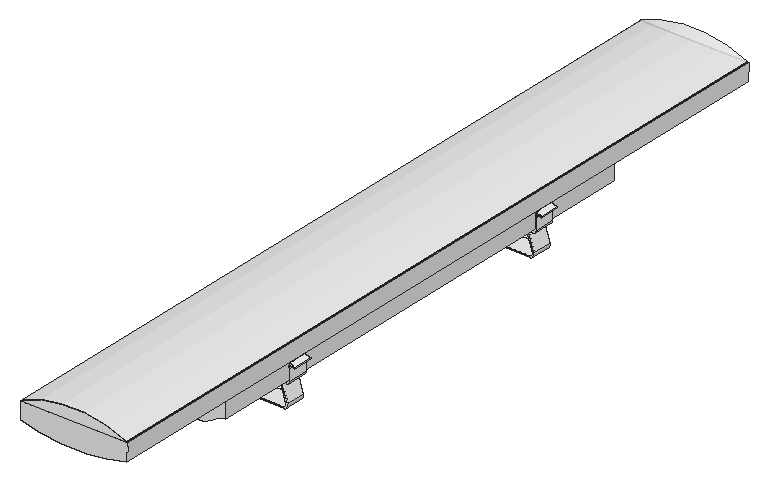
Revit family "Lighting-Industriale-GEWISS-SMART[3]-PLAFONIERA-LED_TRASPARENTE_800mm", category Apparecchi per illuminazione, host Superficie, Revit 2019
Family settings
  Host = Superficie
  Quota connettore circolare = Usa diametro
  Tipo di parte = Normale
  Taglio con vuoti quando caricato = No
  Sorgente d'illuminazione = No
  Condiviso = No
  Punto di calcolo locali = Sì
Parameters (values of type "GWS3118TL - SMART3 LED 800 1X18 TRASPAR.LP")
  Viti esterne = "-"
  Visibilita_etichetta [instance] = yes
  Versione file RFA = "20.11"
  Vano di alimentazione = "Integrato"
  URL = "https://www.gewiss.com/it/it"
  Tolleranza cromatica = "SDCM = 3"
  Tipologia sorgente luminosa = "LED - Non sostituibile"
  Tipologia = "Stand alone - Cablaggio passante"
  Tipo di installazione e montaggio = "Plafone - Parete - Sospensione"
  Tipo di apparecchio = "Apparecchio a LED per illuminazione generale"
  Tipo alimentatore = "Driver Led in corrente continua"
  Tensione di alimentazione = "220 - 240 V"
  Tensione = "220/240 V - 50/60 Hz - Stand alone"
  Temperatura di utilizzo = "-30 +50 °C"
  Temperatura di stoccaggio = "-25 +80 °C"
  Temperatura di funzionamento = ""
  Temperatura di esercizio = "-25 +50 °C"
  Temperatura di colore: = "4000 K (CRI>80)"
  Temperatura di colore = "4000K"
  Superficie massima esposta al vento : = "-"
  Struttura = GEWISS - SMART 3 - GRIGIO
  Stampa 1_200 = no
  Stampa 1_100 = not(Stampa 1_200)  # yes
  Spostamento_Y_etichetta [instance] = 0 mm
  Spostamento_Y_effettivo_etichetta [instance] = 1500 mm - Spostamento_Y_etichetta  # 1500 mm
  Spostamento_X_etichetta [instance] = 0 mm
  Spostamento_X_effettivo_etichetta [instance] = 1500 mm - Spostamento_X_etichetta  # 1500 mm
  SostituibilitÃ  piastra di cablaggio = "Non disponibile"
  SostituibilitÃ  gruppo ottico = "Non disponibile"
  Sistema di controllo : = "ON / OFF"
  Sistema di controllo = "Linea Passante - On / Off"
  Schermo- = Gewiss - Led Acceso
  Schermo = "Policarbonato stabilizzato agli UV"
  Scheda Tecnica = "https://www.gewiss.com/it/it/search?q=GWS3118TL"
  SEO = "Plafoniera"
  Resistenza alle sovratensioni : = "2KV in modalità comune; 1KV in modalità differenziale"
  Resistenza al filo incandescente = "850 °C"
  Resistenza agli urti = "IK08"
  Default Elevation = 1219.2 mm
  Produttore = "GEWISS S.p.A."
  Potenza di sistema = "15W"
  Peso (kg): = "1,5"
  Ottica = "Trasparente microprismato"
  NÂ° LED (#) = ""
  Norma di riferimento = "EN60598-1; IEC 62778; IEC62471"
  Modello = "GWS3118TL"
  Materiali = "-"
  Lunghezza Lampada = 800 mm  # constant formula
  Lunghezza = "800 mm"
  Lumen output (lm) = "1500"
  Lampada: = "LED"
  Lampada = "LED"
  LED LifeTime (L80B20) = "85000H"
  LED Life time (L90B50) = "50000H"
  LED Life time (L80B50) = "100000H"
  LED Life time (L70) = ""
  Installazione e manutenzione = "-"
  Informazioni generali = "-"
  Indice di resa cromatica = "CRI-80"
  Inclinazione = "Con staffa di fissaggio"
  Immagine tipo = GWS3118T.jpg
  IPEA = "-"
  IFC.TypeObject = ""
  IFC.ExportType = ""
  IFC.ExportAs = ""
  IDT = "7ab7d349bce84d43a9e106559738b684"
  IDF = "839ae22e-8b0c-4fd9-88d1-b9beb72ccc37"
  Guarnizioni = "Sigillante depositato a CNC"
  Gruppo ottico = "Integrato nello schermo"
  Grado di protezione = "IP66/IP69"
  Glow Wire Test = "850°C"
  Garanzia = "5 anni"
  Gancio di chiusura = "-"
  Ganci = GEWISS  - ALLUMINIO
  Frequenza nominale (Hz) = "50/60 Hz"
  Flusso nominale (lm) = "2100"
  Fissaggio = "Supporto in acciaio INOX"
  Finitura colore = "PC colorato in pasta RAL7035"
  Failure rate apparecchio (50.000h, Tq=25Â° C) = "<2,5%"
  Failure rate apparecchio (35.000h, Tq=35Â° C) = "<2,5%"
  Efficienza luminosa (lm/W) = "100"
  Durata di vita = "L90B50 (Tq+25°C) = 50.000h - L80B10 (Tq+25°C) = 100.000h"
  Dispositivo di protezione = "DM 1KV / CM 2KV"
  Descrizione = "SMART3 LED 800 1X18 TRASPAR.LP"
  Creato da GEWISS S.p.A. = ""
  Corpo = "Policarbonato"
  Controllo abbagliamento e luminanza = "UGR - 25 (4H/8H)"
  Contesto = "Illuminazione di magazzini, parcheggi coperti e locali produttivi industriali"
  Colore = "Grigio (RAL 7035)"
  Codice digitale univoco (Datamatrix) = "Datamatrix"
  Codice Electrocod = "2434"
  Codice EAN = ""
  Classificazione: = "-"
  Classe isolamento = "II"
  Classe fotobiologica = "RG0"
  Classe di efficienza LED integrati = "A ÷ A++"
  Certificazioni e classificazioni = "-"
  Certificazione DIN 18032-3 = "Non disponibile"
  Catalogo Serie = "SMART [3]"
  Catalogo = "LIGHTING"
  Caratteristiche ottiche e illuminotecniche = "-"
  Caratteristiche elettriche e gestione della luce = "-"
  Cablaggio : = "Passante"
  Cablaggio = "Con connettore stagno Gw connect"
  COBie.Tagnumber = ""
  COBie.CreatedOn = ""
  COBie.CreatebBy = ""
  COBie.ComponentRegisterItemID = ""
  COBie.Component.TagNumber = ""
  COBie.Component.Space = ""
  COBie.Component.SerialNumber = ""
  COBie.Component.InstallationDate = ""
  COBie.Component.Description = ""
  COBie.Component.BarCode = ""
  Applicazione = "Interno"
  Apparecchio a ridotta temperatura superficiale = "Si"
  Alimentatore = "Incluso"
Types (17, lengths in mm): name | Viti esterne | Vano di alimentazione | Tolleranza cromatica | Tipologia | Tipo di installazione e montaggio | Tipo di apparecchio | Tensione di alimentazione | Tensione | Temperatura di stoccaggio | Temperatura di funzionamento | Temperatura di esercizio | Temperatura di colore: | Temperatura di colore | Superficie massima esposta al vento : | SostituibilitÃ  piastra di cablaggio | SostituibilitÃ  gruppo ottico | Sistema di controllo : | Sistema di controllo | Schermo | Scheda Tecnica | Resistenza alle sovratensioni : | Resistenza al filo incandescente | Potenza di sistema | Ottica | NÂ° LED (#) | Norma di riferimento | Modello | Materiali | Lumen output (lm) | LED Life time (L70) | Installazione e manutenzione | Informazioni generali | Indice di resa cromatica | Inclinazione | IPEA | IDT | Guarnizioni | Gruppo ottico | Gancio di chiusura | Frequenza nominale (Hz) | Flusso nominale (lm) | Fissaggio | Finitura colore | Efficienza luminosa (lm/W) | Durata di vita | Dispositivo di protezione | Descrizione | Corpo | Controllo abbagliamento e luminanza | Contesto | Colore | Codice digitale univoco (Datamatrix) | Codice EAN | Classificazione: | Classe fotobiologica | Certificazioni e classificazioni | Certificazione DIN 18032-3 | Caratteristiche ottiche e illuminotecniche | Caratteristiche elettriche e gestione della luce | Cablaggio : | Cablaggio | Apparecchio a ridotta temperatura superficiale | Alimentatore
  (no name) | "-" | "Integrato" | "SDCM = 3" | "Stand alone - Cablaggio passante" | "Plafone - Parete - Sospensione" | "Apparecchio a LED per illuminazione generale" | "220 - 240 V" | "220/240 V - 50/60 Hz - Stand alone" | "-25 +80 °C" | "-25 +50 °C" | "-25 +50 °C" | "4000 K (CRI>80)" | "4000K" | "-" | "Non disponibile" | "Non disponibile" | "ON / OFF" | "Linea Passante - On / Off" | "Policarbonato stabilizzato agli UV" | "https://www.gewiss.com/it/it/search?q=GWS3118TL" | "2KV in modalità comune; 1KV in modalità differenziale" | "850 °C" | "15W" | "Trasparente microprismato" | "42" | "EN60598-1; IEC 62778; IEC62471" | "GWS3118TL" | "-" | "1500" | "80000H" | "-" | "-" | "CRI-80" | "Con staffa di fissaggio" | "-" | "7ab7d349bce84d43a9e106559738b684" | "Sigillante depositato a CNC" | "Integrato nello schermo" | "-" | "50/60 Hz" | "2100" | "Supporto in acciaio INOX" | "PC colorato in pasta RAL7035" | "100" | "L90B50 (Tq+25°C) = 50.000h - L80B10 (Tq+25°C) = 100.000h" | "DM 1KV / CM 2KV" | "SMART3 LED 800 1X18 TRASPAR.LP" | "Policarbonato" | "UGR - 25 (4H/8H)" | "Illuminazione di magazzini, parcheggi coperti e locali produttivi industriali" | "Grigio (RAL 7035)" | "Datamatrix" | "8011564877047" | "-" | "RG0" | "-" | "Non disponibile" | "-" | "-" | "Passante" | "Con connettore stagno Gw connect" | "Si" | "Incluso"
  GWS3118T - SMART3 LED 800 1X18 TRASPAR. | "" | "" | "" | "Stand alone" | "" | "" | "" | "220/240 V - 50/60 Hz - Stand alone" | "" | "-25 +50 °C" | "" | "4000 K (CRI 80)" | "4000 K (CRI 80)" | "" | "" | "" | "" | "" | "Trasparente" | "https://www.gewiss.com/it/it/search?q=GWS3118T" | "" | "" | "15W" | "" | "36" | "" | "GWS3118T" | "" | "1700" | "80000H" | "" | "" | "" | "" | "" | "c03e4489-cde8-443e-93cb-871393c55b12" | "" | "" | "" | "" | "2100" | "" | "" | "" | "" | "" | "SMART3 800 36LED 15W TRASPARENTE 4000K" | "" | "" | "" | "" | "" | "8011564857469" | "" | "" | "" | "" | "" | "" | "" | "" | "Conforme" | ""
  GWS3118TL - SMART3 LED 800 1X18 TRASPAR.LP | "-" | "Integrato" | "SDCM = 3" | "Stand alone - Cablaggio passante" | "Plafone - Parete - Sospensione" | "Apparecchio a LED per illuminazione generale" | "220 - 240 V" | "220/240 V - 50/60 Hz - Stand alone" | "-25 +80 °C" | "" | "-25 +50 °C" | "4000 K (CRI>80)" | "4000K" | "-" | "Non disponibile" | "Non disponibile" | "ON / OFF" | "Linea Passante - On / Off" | "Policarbonato stabilizzato agli UV" | "https://www.gewiss.com/it/it/search?q=GWS3118TL" | "2KV in modalità comune; 1KV in modalità differenziale" | "850 °C" | "15W" | "Trasparente microprismato" | "" | "EN60598-1; IEC 62778; IEC62471" | "GWS3118TL" | "-" | "1500" | "" | "-" | "-" | "CRI-80" | "Con staffa di fissaggio" | "-" | "7ab7d349bce84d43a9e106559738b684" | "Sigillante depositato a CNC" | "Integrato nello schermo" | "-" | "50/60 Hz" | "2100" | "Supporto in acciaio INOX" | "PC colorato in pasta RAL7035" | "100" | "L90B50 (Tq+25°C) = 50.000h - L80B10 (Tq+25°C) = 100.000h" | "DM 1KV / CM 2KV" | "SMART3 LED 800 1X18 TRASPAR.LP" | "Policarbonato" | "UGR - 25 (4H/8H)" | "Illuminazione di magazzini, parcheggi coperti e locali produttivi industriali" | "Grigio (RAL 7035)" | "Datamatrix" | "" | "-" | "RG0" | "-" | "Non disponibile" | "-" | "-" | "Passante" | "Con connettore stagno Gw connect" | "Si" | "Incluso"
  GWS3218T - SMART3 LED 800 2X18 TRASPAR. | "" | "" | "" | "Stand alone" | "" | "" | "" | "220/240 V - 50/60 Hz - Stand alone" | "" | "-25 +50 °C" | "" | "4000 K (CRI 80)" | "4000 K (CRI 80)" | "" | "" | "" | "" | "" | "Trasparente" | "https://www.gewiss.com/it/it/search?q=GWS3218T" | "" | "" | "27W" | "" | "42" | "" | "GWS3218T" | "" | "3400" | "80000H" | "" | "" | "" | "" | "" | "29e19541-38b3-433a-bb83-9e5177020856" | "" | "" | "" | "" | "3500" | "" | "" | "" | "" | "" | "SMART3 800 42LED 26W TRASPARENTE 4000K" | "" | "" | "" | "" | "" | "8011564857490" | "" | "" | "" | "" | "" | "" | "" | "" | "Conforme" | ""
  GWS3218T30K - SMART3 LED 800 2X18 TRASPAR.30K | "" | "" | "" | "Stand alone" | "" | "" | "" | "220/240 V - 50/60 Hz - Stand alone" | "" | "-25 +50 °C" | "" | "3000 K (CRI 80)" | "3000 K (CRI 80)" | "" | "" | "" | "" | "" | "Trasparente" | "https://www.gewiss.com/it/it/search?q=GWS3218T30K" | "" | "" | "27W" | "" | "42" | "" | "GWS3218T30K" | "" | "3200" | "80000H" | "" | "" | "" | "" | "" | "a7e26aa7-5f78-4cf3-a90e-b8adc76760b1" | "" | "" | "" | "" | "3300" | "" | "" | "" | "" | "" | "SMART3 800 42LED 26W TRASPARENTE 3000K" | "" | "" | "" | "" | "" | "8011564872547" | "" | "" | "" | "" | "" | "" | "" | "" | "Conforme" | ""
  GWS3218T57K - SMART3 LED 800 2X18 TRASPAR.57K | "" | "" | "" | "Stand alone" | "" | "" | "" | "220/240 V - 50/60 Hz - Stand alone" | "" | "-25 +50 °C" | "" | "5700 K (CRI 80)" | "5700 K (CRI 80)" | "" | "" | "" | "" | "" | "Trasparente" | "https://www.gewiss.com/it/it/search?q=GWS3218T57K" | "" | "" | "27W" | "" | "42" | "" | "GWS3218T57K" | "" | "3400" | "80000H" | "" | "" | "" | "" | "" | "9b62a0a3-1647-4ce1-9d17-ee591f633adc" | "" | "" | "" | "" | "3500" | "" | "" | "" | "" | "" | "SMART3 800 42LED 26W TRASPARENTE 5700K" | "" | "" | "" | "" | "" | "8011564872349" | "" | "" | "" | "" | "" | "" | "" | "" | "Conforme" | ""
  GWS3118TD - SMART3 LED 800 1X18 TRASPAR.DALI | "" | "" | "" | "DALI" | "" | "" | "" | "220/240 V - 50/60 Hz - Dali" | "" | "-25 +50 °C" | "" | "4000 K (CRI 80)" | "4000 K (CRI 80)" | "" | "" | "" | "" | "" | "Trasparente" | "https://www.gewiss.com/it/it/search?q=GWS3118TD" | "" | "" | "17W" | "" | "36" | "" | "GWS3118TD" | "" | "1700" | "80000H" | "" | "" | "" | "" | "" | "22ce5ac6-e54e-44e8-a036-ec16b0c10687" | "" | "" | "" | "" | "2100" | "" | "" | "" | "" | "" | "SMART3 800 36LED 18W TRASPARENTE DALI 4000K" | "" | "" | "" | "" | "" | "8011564869127" | "" | "" | "" | "" | "" | "" | "" | "" | "Conforme" | ""
  GWS3118TLD - SMART3 LED 800 1X18 TRASPAR.DALI LP | "-" | "Integrato" | "SDCM = 3" | "Dali - Cablaggio passante" | "Plafone - Parete - Sospensione" | "Apparecchio a LED per illuminazione generale" | "220 - 240 V" | "220/240 V - 50/60 Hz - Dali" | "-25 +80 °C" | "" | "-25 +50 °C" | "4000 K (CRI>80)" | "4000K" | "-" | "Non disponibile" | "Non disponibile" | "DALI" | "Linea Passante - DALI" | "Policarbonato stabilizzato agli UV" | "https://www.gewiss.com/it/it/search?q=GWS3118TLD" | "2KV in modalità comune; 1KV in modalità differenziale" | "850 °C" | "15W" | "Trasparente microprismato" | "" | "EN60598-1; IEC 62778; IEC62471" | "GWS3118TLD" | "-" | "1500" | "" | "-" | "-" | "CRI-80" | "Con staffa di fissaggio" | "-" | "ce0deea58242412cbee7456eff245e44" | "Sigillante depositato a CNC" | "Integrato nello schermo" | "-" | "50/60 Hz" | "2100" | "Supporto in acciaio INOX" | "PC colorato in pasta RAL7035" | "100" | "L90B50 (Tq+25°C) = 50.000h - L80B10 (Tq+25°C) = 100.000h" | "DM 1KV / CM 2KV" | "SMART3 LED 800 1X18 TRASPAR.DALI LP" | "Policarbonato" | "UGR - 25 (4H/8H)" | "Illuminazione di magazzini, parcheggi coperti e locali produttivi industriali" | "Grigio (RAL 7035)" | "Datamatrix" | "" | "-" | "RG0" | "-" | "Non disponibile" | "-" | "-" | "Passante" | "Con connettore stagno Gw connect" | "Si" | "Incluso"
  GWS3218TL - SMART3 LED 800 2X18 TRASPAR.LP | "-" | "Integrato" | "SDCM = 3" | "Stand alone - Cablaggio passante" | "Plafone - Parete - Sospensione" | "Apparecchio a LED per illuminazione generale" | "220 - 240 V" | "220/240 V - 50/60 Hz - Stand alone" | "-25 +80 °C" | "" | "-25 +50 °C" | "4000 K (CRI>80)" | "4000K" | "-" | "Non disponibile" | "Non disponibile" | "ON / OFF" | "Linea Passante - On / Off" | "Policarbonato stabilizzato agli UV" | "https://www.gewiss.com/it/it/search?q=GWS3218TL" | "2KV in modalità comune; 1KV in modalità differenziale" | "850 °C" | "27W" | "Trasparente microprismato" | "" | "EN60598-1; IEC 62778; IEC62471" | "GWS3218TL" | "-" | "3400" | "" | "-" | "-" | "CRI-80" | "Con staffa di fissaggio" | "-" | "de84fc68457f47399e5b4e9445d04a48" | "Sigillante depositato a CNC" | "Integrato nello schermo" | "-" | "50/60 Hz" | "3500" | "Supporto in acciaio INOX" | "PC colorato in pasta RAL7035" | "126" | "L90B50 (Tq+25°C) = 50.000h - L80B10 (Tq+25°C) = 100.000h" | "DM 1KV / CM 2KV" | "SMART3 LED 800 2X18 TRASPAR.LP" | "Policarbonato" | "UGR - 25 (4H/4H)" | "Illuminazione di magazzini, parcheggi coperti e locali produttivi industriali" | "Grigio (RAL 7035)" | "Datamatrix" | "" | "-" | "RG0" | "-" | "Non disponibile" | "-" | "-" | "Passante" | "Con connettore stagno Gw connect" | "Si" | "Incluso"
  GWS3218TD30K - SMART3 LED 800 2X18 TRASPAR.DALI 30K | "" | "" | "" | "DALI" | "" | "" | "" | "220/240 V - 50/60 Hz - Dali" | "" | "-25 +50 °C" | "" | "3000 K (CRI 80)" | "3000 K (CRI 80)" | "" | "" | "" | "" | "" | "Trasparente" | "https://www.gewiss.com/it/it/search?q=GWS3218TD30K" | "" | "" | "27W" | "" | "42" | "" | "GWS3218TD30K" | "" | "3200" | "80000H" | "" | "" | "" | "" | "" | "0d6a2099-951f-43bb-9512-9c969ba018da" | "" | "" | "" | "" | "3300" | "" | "" | "" | "" | "" | "SMART3 800 42LED 27W TRASPARENTE DALI 3000K" | "" | "" | "" | "" | "" | "8011564877047" | "" | "" | "" | "" | "" | "" | "" | "" | "Conforme" | ""
  GWS3218TD57K - SMART3 LED 800 2X18 TRASPAR.DALI 57K | "" | "" | "" | "DALI" | "" | "" | "" | "220/240 V - 50/60 Hz - Dali" | "" | "-25 +50 °C" | "" | "5700 K (CRI 80)" | "5700 K (CRI 80)" | "" | "" | "" | "" | "" | "Trasparente" | "https://www.gewiss.com/it/it/search?q=GWS3218TD57K" | "" | "" | "27W" | "" | "42" | "" | "GWS3218TD57K" | "" | "3400" | "80000H" | "" | "" | "" | "" | "" | "283ebef6-a63c-403a-976f-7eba4a93ffbe" | "" | "" | "" | "" | "3500" | "" | "" | "" | "" | "" | "SMART3 800 42LED 27W TRASPARENTE DALI 5700K" | "" | "" | "" | "" | "" | "8011564877054" | "" | "" | "" | "" | "" | "" | "" | "" | "Conforme" | ""
  GWS3218TL30K - SMART3 LED 800 2X18 TRASPAR.30K LP | "-" | "Integrato" | "SDCM = 3" | "Stand alone - Cablaggio passante" | "Plafone - Parete - Sospensione" | "Apparecchio a LED per illuminazione generale" | "220 - 240 V" | "220/240 V - 50/60 Hz - Stand alone" | "-25 +80 °C" | "" | "-25 +50 °C" | "3000 K (CRI>80)" | "3000K" | "-" | "Non disponibile" | "Non disponibile" | "ON / OFF" | "Linea Passante - On / Off" | "Policarbonato stabilizzato agli UV" | "https://www.gewiss.com/it/it/search?q=GWS3218TL30K" | "2KV in modalità comune; 1KV in modalità differenziale" | "850 °C" | "27W" | "Trasparente microprismato" | "" | "EN60598-1; IEC 62778; IEC62471" | "GWS3218TL30K" | "-" | "3200" | "" | "-" | "-" | "CRI-80" | "Con staffa di fissaggio" | "-" | "65c35478eaa4473eaba3739e8677d533" | "Sigillante depositato a CNC" | "Integrato nello schermo" | "-" | "50/60 Hz" | "3300" | "Supporto in acciaio INOX" | "PC colorato in pasta RAL7035" | "119" | "L90B50 (Tq+25°C) = 50.000h - L80B10 (Tq+25°C) = 100.000h" | "DM 1KV / CM 2KV" | "SMART3 LED 800 2X18 TRASPAR.30K LP" | "Policarbonato" | "UGR - 25 (4H/4H)" | "Illuminazione di magazzini, parcheggi coperti e locali produttivi industriali" | "Grigio (RAL 7035)" | "Datamatrix" | "" | "-" | "RG0" | "-" | "Non disponibile" | "-" | "-" | "Passante" | "Con connettore stagno Gw connect" | "Si" | "Incluso"
  GWS3218TL57K - SMART3 LED 800 2X18 TRASPAR.57K LP | "-" | "Integrato" | "SDCM = 3" | "Stand alone - Cablaggio passante" | "Plafone - Parete - Sospensione" | "Apparecchio a LED per illuminazione generale" | "220 - 240 V" | "220/240 V - 50/60 Hz - Stand alone" | "-25 +80 °C" | "" | "-25 +50 °C" | "5700 K (CRI>80)" | "5700K" | "-" | "Non disponibile" | "Non disponibile" | "ON / OFF" | "Linea Passante - On / Off" | "Policarbonato stabilizzato agli UV" | "https://www.gewiss.com/it/it/search?q=GWS3218TL57K" | "2KV in modalità comune; 1KV in modalità differenziale" | "850 °C" | "27W" | "Trasparente microprismato" | "" | "EN60598-1; IEC 62778; IEC62471" | "GWS3218TL57K" | "-" | "3400" | "" | "-" | "-" | "CRI-80" | "Con staffa di fissaggio" | "-" | "74aa81087bed4978b6fa80b0ae502330" | "Sigillante depositato a CNC" | "Integrato nello schermo" | "-" | "50/60 Hz" | "3500" | "Supporto in acciaio INOX" | "PC colorato in pasta RAL7035" | "126" | "L90B50 (Tq+25°C) = 50.000h - L80B10 (Tq+25°C) = 100.000h" | "DM 1KV / CM 2KV" | "SMART3 LED 800 2X18 TRASPAR.57K LP" | "Policarbonato" | "UGR - 25 (4H/4H)" | "Illuminazione di magazzini, parcheggi coperti e locali produttivi industriali" | "Grigio (RAL 7035)" | "Datamatrix" | "" | "-" | "RG0" | "-" | "Non disponibile" | "-" | "-" | "Passante" | "Con connettore stagno Gw connect" | "Si" | "Incluso"
  GWS3218TLD - SMART3 LED 800 2X18 TRASPAR.DALI LP | "-" | "Integrato" | "SDCM = 3" | "Dali - Cablaggio passante" | "Plafone - Parete - Sospensione" | "Apparecchio a LED per illuminazione generale" | "220 - 240 V" | "220/240 V - 50/60 Hz - Dali" | "-25 +80 °C" | "" | "-25 +50 °C" | "4000 K (CRI>80)" | "4000K" | "-" | "Non disponibile" | "Non disponibile" | "DALI" | "Linea Passante - DALI" | "Policarbonato stabilizzato agli UV" | "https://www.gewiss.com/it/it/search?q=GWS3218TLD" | "2KV in modalità comune; 1KV in modalità differenziale" | "850 °C" | "27W" | "Trasparente microprismato" | "" | "EN60598-1; IEC 62778; IEC62471" | "GWS3218TLD" | "-" | "3400" | "" | "-" | "-" | "CRI-80" | "Con staffa di fissaggio" | "-" | "080291420b01476b9a97a408335c276f" | "Sigillante depositato a CNC" | "Integrato nello schermo" | "-" | "50/60 Hz" | "3500" | "Supporto in acciaio INOX" | "PC colorato in pasta RAL7035" | "126" | "L90B50 (Tq+25°C) = 50.000h - L80B10 (Tq+25°C) = 100.000h" | "DM 1KV / CM 2KV" | "SMART3 LED 800 2X18 TRASPAR.DALI LP" | "Policarbonato" | "UGR - 25 (4H/4H)" | "Illuminazione di magazzini, parcheggi coperti e locali produttivi industriali" | "Grigio (RAL 7035)" | "Datamatrix" | "" | "-" | "RG0" | "-" | "Non disponibile" | "-" | "-" | "Passante" | "Con connettore stagno Gw connect" | "Si" | "Incluso"
  GWS3218TLD30K - SMART3 LED 800 2X18 TRASPAR.DALI 30K LP | "-" | "Integrato" | "SDCM = 3" | "Dali - Cablaggio passante" | "Plafone - Parete - Sospensione" | "Apparecchio a LED per illuminazione generale" | "220 - 240 V" | "220/240 V - 50/60 Hz - Dali" | "-25 +80 °C" | "" | "-25 +50 °C" | "3000 K (CRI>80)" | "3000K" | "-" | "Non disponibile" | "Non disponibile" | "DALI" | "Linea Passante - DALI" | "Policarbonato stabilizzato agli UV" | "https://www.gewiss.com/it/it/search?q=GWS3218TLD30K" | "2KV in modalità comune; 1KV in modalità differenziale" | "850 °C" | "27W" | "Trasparente microprismato" | "" | "EN60598-1; IEC 62778; IEC62471" | "GWS3218TLD30K" | "-" | "3200" | "" | "-" | "-" | "CRI-80" | "Con staffa di fissaggio" | "-" | "1a16f1967e0f48818479d943bcd6a260" | "Sigillante depositato a CNC" | "Integrato nello schermo" | "-" | "50/60 Hz" | "3300" | "Supporto in acciaio INOX" | "PC colorato in pasta RAL7035" | "119" | "L90B50 (Tq+25°C) = 50.000h - L80B10 (Tq+25°C) = 100.000h" | "DM 1KV / CM 2KV" | "SMART3 LED 800 2X18 TRASPAR.DALI 30K LP" | "Policarbonato" | "UGR - 25 (4H/4H)" | "Illuminazione di magazzini, parcheggi coperti e locali produttivi industriali" | "Grigio (RAL 7035)" | "Datamatrix" | "" | "-" | "RG0" | "-" | "Non disponibile" | "-" | "-" | "Passante" | "Con connettore stagno Gw connect" | "Si" | "Incluso"
  GWS3218TLD57K - SMART3 LED 800 2X18 TRASPAR.DALI 57K LP | "-" | "Integrato" | "SDCM = 3" | "Dali - Cablaggio passante" | "Plafone - Parete - Sospensione" | "Apparecchio a LED per illuminazione generale" | "220 - 240 V" | "220/240 V - 50/60 Hz - Dali" | "-25 +80 °C" | "" | "-25 +50 °C" | "5700 K (CRI>80)" | "5700K" | "-" | "Non disponibile" | "Non disponibile" | "DALI" | "Linea Passante - DALI" | "Policarbonato stabilizzato agli UV" | "https://www.gewiss.com/it/it/search?q=GWS3218TLD57K" | "2KV in modalità comune; 1KV in modalità differenziale" | "850 °C" | "27W" | "Trasparente microprismato" | "" | "EN60598-1; IEC 62778; IEC62471" | "GWS3218TLD57K" | "-" | "3400" | "" | "-" | "-" | "CRI-80" | "Con staffa di fissaggio" | "-" | "ff6bcfd01228401f9ff1a7111276ab89" | "Sigillante depositato a CNC" | "Integrato nello schermo" | "-" | "50/60 Hz" | "3500" | "Supporto in acciaio INOX" | "PC colorato in pasta RAL7035" | "126" | "L90B50 (Tq+25°C) = 50.000h - L80B10 (Tq+25°C) = 100.000h" | "DM 1KV / CM 2KV" | "SMART3 LED 800 2X18 TRASPAR.DALI 57K LP" | "Policarbonato" | "UGR - 25 (4H/4H)" | "Illuminazione di magazzini, parcheggi coperti e locali produttivi industriali" | "Grigio (RAL 7035)" | "Datamatrix" | "" | "-" | "RG0" | "-" | "Non disponibile" | "-" | "-" | "Passante" | "Con connettore stagno Gw connect" | "Si" | "Incluso"
  GWS3218TD - SMART3 LED 800 2X18 TRASPAR.DALI | "" | "" | "" | "DALI" | "" | "" | "" | "220/240 V - 50/60 Hz - Dali" | "" | "-25 +50 °C" | "" | "4000 K (CRI 80)" | "4000 K (CRI 80)" | "" | "" | "" | "" | "" | "Trasparente" | "https://www.gewiss.com/it/it/search?q=GWS3218TD" | "" | "" | "27W" | "" | "42" | "" | "GWS3218TD" | "" | "3400" | "80000H" | "" | "" | "" | "" | "" | "447d5fa0-8562-4224-9550-3e3b1daa1990" | "" | "" | "" | "" | "3500" | "" | "" | "" | "" | "" | "SMART3 800 42LED 27W TRASPARENTE DALI 4000K" | "" | "" | "" | "" | "" | "8011564869158" | "" | "" | "" | "" | "" | "" | "" | "" | "Conforme" | ""
Reference planes
  plane 1 "Centro (Fronte/Retro)": y = 0
  plane 2: z = 0
  plane 3 "Centro (Sinistra/Destra)": x = 0
  plane 4: x = -1500
  plane 5: y = -1500
  plane 6: x = 0
  plane 7: y = 0
Forms (mm)
  Extrusion 1, solid, material "GEWISS  - ALLUMINIO" <- "Ganci", detail levels medium+fine
    sketch origin (0, 0, 0) x (1, 0, 0) y (0, 0, 1)
      loop
        arc (31.431, -0.002) -> (34.576, 1.589) -> (35.156, 5.066) r 3.903
        line (35.156, 5.066) -> (29.612, 23.211)
        arc (29.612, 23.211) -> (29.883, 24.381) -> (31.032, 24.73) r 1.2
        line (31.032, 24.73) -> (34.307, 23.974)
        arc (34.307, 23.974) -> (36.765, 24.53) -> (37.859, 26.8) r 2.9
        line (37.859, 26.8) -> (37.859, 38.8)
        arc (37.859, 38.8) -> (37.648, 39.694) -> (37.059, 40.4) r 2
        line (37.059, 40.4) -> (37.059, 42.71) -> (42.861, 40.598) -> (43.203, 41.538) -> (37.53, 43.603)
        arc (37.53, 43.603) -> (37.019, 43.613) -> (36.605, 43.311) r 0.8
        line (36.605, 43.311) -> (36.306, 26.139)
        arc (36.306, 26.139) -> (35.6, 25.444) -> (34.616, 25.34) r 1.5
        line (34.616, 25.34) -> (31.344, 26.095)
        arc (31.344, 26.095) -> (28.858, 25.335) -> (28.273, 22.802) r 2.6
        line (28.273, 22.802) -> (33.827, 4.636)
        arc (33.827, 4.636) -> (33.449, 2.415) -> (31.438, 1.4) r 2.5
        line (31.438, 1.4) -> (-31.437, 1.4)
        arc (-31.437, 1.4) -> (-33.449, 2.415) -> (-33.827, 4.636) r 2.5
        line (-33.827, 4.636) -> (-28.273, 22.802)
        arc (-28.273, 22.802) -> (-28.858, 25.335) -> (-31.344, 26.095) r 2.6
        line (-31.344, 26.095) -> (-34.616, 25.34)
        arc (-34.616, 25.34) -> (-35.6, 25.444) -> (-36.306, 26.139) r 1.5
        line (-36.306, 26.139) -> (-36.605, 43.311)
        arc (-36.605, 43.311) -> (-37.019, 43.613) -> (-37.53, 43.603) r 0.8
        line (-37.53, 43.603) -> (-43.203, 41.538) -> (-42.861, 40.598) -> (-37.059, 42.71) -> (-37.059, 40.4)
        arc (-37.059, 40.4) -> (-37.648, 39.694) -> (-37.859, 38.8) r 2
        line (-37.859, 38.8) -> (-37.859, 26.8)
        arc (-37.859, 26.8) -> (-36.765, 24.53) -> (-34.307, 23.974) r 2.9
        line (-34.307, 23.974) -> (-31.032, 24.73)
        arc (-31.032, 24.73) -> (-29.883, 24.381) -> (-29.612, 23.211) r 1.2
        line (-29.612, 23.211) -> (-35.156, 5.066)
        arc (-35.156, 5.066) -> (-34.576, 1.589) -> (-31.431, -0.002) r 3.903
        line (-31.431, -0.002) -> (31.431, -0.002)
    from 148.766 to 168.766
  Extrusion 2, solid, material "GEWISS  - ALLUMINIO" <- "Ganci", detail levels medium+fine
    sketch origin (0, 0, 0) x (1, 0, 0) y (0, 0, -1)
      loop
        line (31.431, 0.002) -> (-31.431, 0.002)
        arc (-31.431, 0.002) -> (-34.576, -1.589) -> (-35.156, -5.066) r 3.903
        line (-35.156, -5.066) -> (-29.612, -23.211)
        arc (-29.612, -23.211) -> (-29.883, -24.381) -> (-31.032, -24.73) r 1.2
        line (-31.032, -24.73) -> (-34.307, -23.974)
        arc (-34.307, -23.974) -> (-36.765, -24.53) -> (-37.859, -26.8) r 2.9
        line (-37.859, -26.8) -> (-37.859, -38.8)
        arc (-37.859, -38.8) -> (-37.648, -39.694) -> (-37.059, -40.4) r 2
        line (-37.059, -40.4) -> (-37.059, -42.71) -> (-42.861, -40.598) -> (-43.203, -41.538) -> (-37.53, -43.603)
        arc (-37.53, -43.603) -> (-37.019, -43.613) -> (-36.605, -43.311) r 0.8
        line (-36.605, -43.311) -> (-36.306, -26.139)
        arc (-36.306, -26.139) -> (-35.6, -25.444) -> (-34.616, -25.34) r 1.5
        line (-34.616, -25.34) -> (-31.344, -26.095)
        arc (-31.344, -26.095) -> (-28.858, -25.335) -> (-28.273, -22.802) r 2.6
        line (-28.273, -22.802) -> (-33.827, -4.636)
        arc (-33.827, -4.636) -> (-33.449, -2.415) -> (-31.437, -1.4) r 2.5
        line (-31.437, -1.4) -> (31.438, -1.4)
        arc (31.438, -1.4) -> (33.449, -2.415) -> (33.827, -4.636) r 2.5
        line (33.827, -4.636) -> (28.273, -22.802)
        arc (28.273, -22.802) -> (28.858, -25.335) -> (31.344, -26.095) r 2.6
        line (31.344, -26.095) -> (34.616, -25.34)
        arc (34.616, -25.34) -> (35.6, -25.444) -> (36.306, -26.139) r 1.5
        line (36.306, -26.139) -> (36.605, -43.311)
        arc (36.605, -43.311) -> (37.019, -43.613) -> (37.53, -43.603) r 0.8
        line (37.53, -43.603) -> (43.203, -41.538) -> (42.861, -40.598) -> (37.059, -42.71) -> (37.059, -40.4)
        arc (37.059, -40.4) -> (37.648, -39.694) -> (37.859, -38.8) r 2
        line (37.859, -38.8) -> (37.859, -26.8)
        arc (37.859, -26.8) -> (36.765, -24.53) -> (34.307, -23.974) r 2.9
        line (34.307, -23.974) -> (31.032, -24.73)
        arc (31.032, -24.73) -> (29.883, -24.381) -> (29.612, -23.211) r 1.2
        line (29.612, -23.211) -> (35.156, -5.066)
        arc (35.156, -5.066) -> (34.576, -1.589) -> (31.431, 0.002) r 3.903
    from 148.766 to 168.766
  Extrusion 3, solid, material "GEWISS - SMART 3 - GRIGIO" <- "Struttura", detail levels medium+fine
    sketch origin (0, 0, 0) x (1, 0, 0) y (0, 0, 1)
      loop
        line (-36.331, 55.757) -> (-35.847, 28.018)
        arc (-35.847, 28.018) -> (-33.139, 27.27) -> (-30.416, 26.58) r 129.5
        arc (-30.416, 26.58) -> (-28.066, 25.76) -> (-25.915, 24.506) r 13
        arc (-25.915, 24.506) -> (-24.23, 23.324) -> (-22.521, 22.178) r 99.5
        arc (-22.521, 22.178) -> (-16.401, 19.063) -> (-9.748, 17.365) r 31.146
        line (-9.748, 17.365) -> (12.491, 17.365)
        arc (12.491, 17.365) -> (17.822, 19.098) -> (22.764, 21.745) r 31.646
        arc (22.764, 21.745) -> (24.509, 22.915) -> (26.228, 24.122) r 100
        arc (26.228, 24.122) -> (28.283, 25.313) -> (30.525, 26.095) r 12.5
        arc (30.525, 26.095) -> (33.437, 26.834) -> (36.332, 27.64) r 130
        line (36.332, 27.64) -> (36.824, 55.851)
        arc (36.824, 55.851) -> (24.914, 53.937) -> (12.909, 52.764) r 195.047
        line (12.909, 52.764) -> (-12.909, 52.764)
        arc (-12.909, 52.764) -> (-24.665, 53.905) -> (-36.331, 55.757) r 195.047
    from -250 to 250
  Extrusion 4, solid, material "GEWISS - SMART 3 - GRIGIO" <- "Struttura", detail levels medium+fine
    sketch origin (0, 0, 0) x (1, 0, 0) y (0, 0, 1)
      loop
        line (54.725, 60.184) -> (55.177, 77.445) -> (-55.177, 77.445) -> (-54.725, 60.184)
        arc (-54.725, 60.184) -> (-34.019, 55.332) -> (-12.909, 52.764) r 195.047
        line (-12.909, 52.764) -> (12.909, 52.764)
        arc (12.909, 52.764) -> (34.019, 55.332) -> (54.725, 60.184) r 195.047
    from -400 to 400
  Extrusion 5, solid, material "Gewiss - Led Acceso" <- "Schermo-", detail levels medium+fine
    sketch origin (0, 0, 0) x (1, 0, 0) y (0, 0, 1)
      loop
        arc (54.697, 78.441) -> (-0.014, 90.457) -> (-54.723, 78.429) r 130.5
        arc (-54.723, 78.429) -> (-54.988, 77.838) -> (-54.5, 77.445) r 0.5
        line (-54.5, 77.445) -> (54.479, 77.445)
        arc (54.479, 77.445) -> (54.988, 77.855) -> (54.697, 78.441) r 0.522
    from -400 to 400
  Extrusion 6, solid, material "GEWISS - SMART 3 - GRIGIO" <- "Struttura", detail levels coarse
    sketch origin (0, 0, 0) x (1, 0, 0) y (0, 0, 1)
      loop
        line (-54.5, 90.439) -> (-54.5, 0) -> (54.5, 0) -> (54.5, 90.439) -> (-54.5, 90.439)
    from -400 to 400
Lines and regions (mm)
  Masking region 1
    outline origin (0, 0, 0) x (1, 0, 0) y (0, 1, 0)
      loop
        line (-55.177, 400) -> (-55.177, -400) -> (55.177, -400) -> (55.177, 400) -> (-55.177, 400)
  model lines, style "GEWISS - LIGHT 2D", not visible
    curve 1: arc (658.224, 441.447, 0) -> (657.902, 441.529, 0) -> (657.571, 441.558, 0) r 1.999
    curve 2: arc (659.744, 439.503, 0) -> (659.172, 440.906, 0) -> (657.781, 441.505, 0) r 1.998
    curve 3: arc (549.391, -356.494, 0) -> (549.963, -357.897, 0) -> (551.356, -358.495, 0) r 1.998
    curve 4: arc (657.744, -358.495, 0) -> (659.181, -357.627, 0) -> (659.745, -356.046, 0) r 2.5
    curve 5: arc (551.891, 441.558, 0) -> (550.123, 440.825, 0) -> (549.391, 439.058, 0) r 2.5
    curve 6: line (657.571, 441.558, 0) -> (604.567, 441.558, 0)
    curve 7: line (604.567, 441.558, 0) -> (551.891, 441.558, 0)
    curve 8: line (551.356, -358.495, 0) -> (604.568, -358.495, 0)
    curve 9: line (604.568, -358.495, 0) -> (657.744, -358.495, 0)
    curve 10: line (659.745, -356.046, 0) -> (659.745, 439.503, 0)
    curve 11: line (657.781, 441.505, 0) -> (604.567, 441.505, 0)
    curve 12: line (549.391, -356.494, 0) -> (549.391, 439.058, 0)
    curve 13: line (604.569, 276.529, 0) -> (604.569, -193.52, 0)
  symbolic lines, style "GEWISS - LIGHT 2D"
    curve 14: line (0, 328.766, 0) -> (0, -304.8, 0)
Dimensions and locks
  plane 4 to plane 3 "Centro (Sinistra/Destra)" = 1500 mm
  "Spostamento_X_effettivo_etichetta": plane 4 to plane 6
  "Spostamento_Y_effettivo_etichetta": plane 7 to plane 5
  plane 1 "Centro (Fronte/Retro)" to plane 5 = 1500 mm
  aligned and locked: plane 2 to host face
  aligned and locked: level to host face
  aligned and locked: plane 6 to nested 1
  aligned and locked: nested 1 to plane 7
  aligned and locked: Masking region 1 sketch curve to Extrusion 4  (x4)
  aligned and locked: curve 14 to plane 6
Automatic sketch dimensions
  host sketch curve to host sketch curve = 2438.4 mm  (x2)
  Extrusion 1 sketch curve to Extrusion 1 sketch curve = 0 mm  (x28)
  Extrusion 1 sketch curve to plane 3 "Centro (Sinistra/Destra)" = 43.203 mm
  level to Extrusion 1 sketch curve = 40.598 mm
  Extrusion 1 sketch curve to Extrusion 1 sketch curve = 0.342 mm  (x2)
  Extrusion 1 sketch curve to Extrusion 1 sketch curve = 5.002 mm  (x2)
  Extrusion 1 sketch curve to Extrusion 1 sketch curve = 0.329 mm
  Extrusion 1 sketch curve to Extrusion 1 sketch curve = 0.271 mm  (x2)
  Extrusion 1 sketch curve to Extrusion 1 sketch curve = 0.8 mm  (x2)
  Extrusion 1 sketch curve to Extrusion 1 sketch curve = 0.454 mm  (x2)
  Extrusion 1 sketch curve to Extrusion 1 sketch curve = 1.554 mm
  Extrusion 1 sketch curve to Extrusion 1 sketch curve = 2 mm
  level to Extrusion 1 sketch curve = 5.066 mm  (x2)
  Extrusion 1 sketch curve to Extrusion 1 sketch curve = 1.15 mm
  Extrusion 1 sketch curve to Extrusion 1 sketch curve = 1.346 mm  (x2)
  Extrusion 1 sketch curve to Extrusion 1 sketch curve = 0.343 mm  (x2)
  level to Extrusion 1 sketch curve = 4.636 mm  (x2)
  Extrusion 1 sketch curve to Extrusion 1 sketch curve = 1.329 mm  (x2)
  level to Extrusion 1 sketch curve = 1.4 mm
  Extrusion 1 sketch curve to Extrusion 1 sketch curve = 2.389 mm  (x2)
  Extrusion 1 sketch curve to Extrusion 1 sketch curve = 0.007 mm  (x2)
  Extrusion 1 sketch curve to Extrusion 1 sketch curve = 3.584 mm  (x2)
  Extrusion 1 sketch curve to Extrusion 1 sketch curve = 0.273 mm  (x2)
  plane 3 "Centro (Sinistra/Destra)" to Extrusion 1 sketch curve = 30.759 mm
  Extrusion 1 sketch curve to level = 0.002 mm
  Extrusion 1 sketch curve to Extrusion 1 sketch curve = 0.672 mm
  Extrusion 1 sketch curve to Extrusion 1 sketch curve = 0.9 mm
  level to Extrusion 1 sketch curve = 26.139 mm
  Extrusion 1 sketch curve to Extrusion 1 sketch curve = 0.746 mm
  Extrusion 1 sketch curve to Extrusion 1 sketch curve = 0.2 mm
  Extrusion 1 sketch curve to Extrusion 1 sketch curve = 2.577 mm
  Extrusion 1 sketch curve to Extrusion 1 sketch curve = 18.496 mm
  Extrusion 1 sketch curve to Extrusion 1 sketch curve = 1.169 mm  (x2)
  Extrusion 1 sketch curve to Extrusion 1 sketch curve = 0.799 mm  (x2)
  Extrusion 1 sketch curve to Extrusion 1 sketch curve = 0.609 mm
  Extrusion 1 sketch curve to Extrusion 1 sketch curve = 1.798 mm  (x2)
  Extrusion 1 sketch curve to Extrusion 1 sketch curve = 12 mm
  Extrusion 1 sketch curve to Extrusion 1 sketch curve = 0.94 mm  (x2)
  Extrusion 1 sketch curve to Extrusion 1 sketch curve = 0.14 mm  (x2)
  Extrusion 1 sketch curve to Extrusion 1 sketch curve = 0.309 mm  (x2)
  Extrusion 1 sketch curve to Extrusion 1 sketch curve = 0.312 mm  (x2)
  Extrusion 1 sketch curve to Extrusion 1 sketch curve = 1.148 mm  (x2)
  Extrusion 1 sketch curve to Extrusion 1 sketch curve = 1.339 mm
  Extrusion 1 sketch curve to Extrusion 1 sketch curve = 2.486 mm
  Extrusion 1 sketch curve to Extrusion 1 sketch curve = 0.409 mm  (x2)
  Extrusion 2 sketch curve to Extrusion 2 sketch curve = 0 mm  (x28)
  Extrusion 2 sketch curve to plane 3 "Centro (Sinistra/Destra)" = 43.203 mm
  level to Extrusion 2 sketch curve = 40.598 mm
  Extrusion 2 sketch curve to Extrusion 2 sketch curve = 0.342 mm  (x2)
  Extrusion 2 sketch curve to Extrusion 2 sketch curve = 5.002 mm  (x2)
  Extrusion 2 sketch curve to Extrusion 2 sketch curve = 0.329 mm
  Extrusion 2 sketch curve to Extrusion 2 sketch curve = 0.271 mm  (x2)
  Extrusion 2 sketch curve to Extrusion 2 sketch curve = 0.8 mm  (x2)
  Extrusion 2 sketch curve to Extrusion 2 sketch curve = 0.454 mm  (x2)
  Extrusion 2 sketch curve to Extrusion 2 sketch curve = 1.554 mm
  Extrusion 2 sketch curve to Extrusion 2 sketch curve = 2 mm
  level to Extrusion 2 sketch curve = 5.066 mm  (x2)
  Extrusion 2 sketch curve to Extrusion 2 sketch curve = 1.15 mm
  Extrusion 2 sketch curve to Extrusion 2 sketch curve = 1.346 mm  (x2)
  Extrusion 2 sketch curve to Extrusion 2 sketch curve = 0.343 mm  (x2)
  level to Extrusion 2 sketch curve = 4.636 mm  (x2)
  Extrusion 2 sketch curve to Extrusion 2 sketch curve = 1.329 mm  (x2)
  level to Extrusion 2 sketch curve = 1.4 mm
  Extrusion 2 sketch curve to Extrusion 2 sketch curve = 2.389 mm  (x2)
  Extrusion 2 sketch curve to Extrusion 2 sketch curve = 0.007 mm  (x2)
  Extrusion 2 sketch curve to Extrusion 2 sketch curve = 3.584 mm  (x2)
  Extrusion 2 sketch curve to Extrusion 2 sketch curve = 0.273 mm  (x2)
  plane 3 "Centro (Sinistra/Destra)" to Extrusion 2 sketch curve = 30.759 mm
  Extrusion 2 sketch curve to level = 0.002 mm
  Extrusion 2 sketch curve to Extrusion 2 sketch curve = 0.672 mm
  Extrusion 2 sketch curve to Extrusion 2 sketch curve = 0.9 mm
  level to Extrusion 2 sketch curve = 26.139 mm
  Extrusion 2 sketch curve to Extrusion 2 sketch curve = 0.746 mm
  Extrusion 2 sketch curve to Extrusion 2 sketch curve = 0.2 mm
  Extrusion 2 sketch curve to Extrusion 2 sketch curve = 14.46 mm
  Extrusion 2 sketch curve to Extrusion 2 sketch curve = 0.94 mm  (x2)
  Extrusion 2 sketch curve to Extrusion 2 sketch curve = 0.14 mm  (x2)
  Extrusion 2 sketch curve to Extrusion 2 sketch curve = 2.31 mm  (x2)
  Extrusion 2 sketch curve to Extrusion 2 sketch curve = 12 mm
  Extrusion 2 sketch curve to Extrusion 2 sketch curve = 0.661 mm  (x2)
  Extrusion 2 sketch curve to Extrusion 2 sketch curve = 0.609 mm  (x2)
  Extrusion 2 sketch curve to Extrusion 2 sketch curve = 1.169 mm  (x2)
  Extrusion 2 sketch curve to Extrusion 2 sketch curve = 0.309 mm  (x2)
  Extrusion 2 sketch curve to Extrusion 2 sketch curve = 0.312 mm  (x2)
  Extrusion 2 sketch curve to Extrusion 2 sketch curve = 1.148 mm  (x2)
  Extrusion 2 sketch curve to Extrusion 2 sketch curve = 1.339 mm
  Extrusion 2 sketch curve to Extrusion 2 sketch curve = 2.486 mm
  Extrusion 2 sketch curve to Extrusion 2 sketch curve = 1.365 mm  (x2)
  Extrusion 3 sketch curve to plane 3 "Centro (Sinistra/Destra)" = 36.331 mm
  Extrusion 3 sketch curve to Extrusion 3 sketch curve = 0.484 mm
  Extrusion 3 sketch curve to Extrusion 3 sketch curve = 2.34 mm
  Extrusion 3 sketch curve to plane 3 "Centro (Sinistra/Destra)" = 32.068 mm
  Extrusion 3 sketch curve to plane 3 "Centro (Sinistra/Destra)" = 12.909 mm
  Extrusion 3 sketch curve to plane 3 "Centro (Sinistra/Destra)" = 9.748 mm
  Extrusion 3 sketch curve to plane 3 "Centro (Sinistra/Destra)" = 5.421 mm
  Extrusion 3 sketch curve to plane 3 "Centro (Sinistra/Destra)" = 0.057 mm
  Extrusion 3 sketch curve to plane 3 "Centro (Sinistra/Destra)" = 0.007 mm
  Extrusion 3 sketch curve to plane 3 "Centro (Sinistra/Destra)" = 0.001 mm
  plane 3 "Centro (Sinistra/Destra)" to Extrusion 3 sketch curve = 0.057 mm
  plane 3 "Centro (Sinistra/Destra)" to Extrusion 3 sketch curve = 5.412 mm
  plane 3 "Centro (Sinistra/Destra)" to Extrusion 3 sketch curve = 12.491 mm
  Extrusion 3 sketch curve to Extrusion 3 sketch curve = 7.496 mm
  plane 3 "Centro (Sinistra/Destra)" to Extrusion 3 sketch curve = 32.059 mm
  Extrusion 3 sketch curve to Extrusion 3 sketch curve = 21.008 mm
  Extrusion 3 sketch curve to Extrusion 3 sketch curve = 2.833 mm
  Extrusion 3 sketch curve to Extrusion 3 sketch curve = 23.916 mm
  level to Extrusion 3 sketch curve = 13.953 mm  (x2)
  level to Extrusion 3 sketch curve = 17.365 mm  (x2)
  Extrusion 3 sketch curve to Extrusion 3 sketch curve = 13.687 mm
  Extrusion 3 sketch curve to Extrusion 3 sketch curve = 14.064 mm
  Extrusion 3 sketch curve to Extrusion 3 sketch curve = 30.844 mm
  Extrusion 3 sketch curve to Extrusion 3 sketch curve = 0 mm  (x3)
  Extrusion 3 sketch curve to Extrusion 3 sketch curve = 4.555 mm
  Extrusion 3 sketch curve to Extrusion 3 sketch curve = 2.993 mm
  Extrusion 3 sketch curve to Extrusion 3 sketch curve = 3.087 mm
  Extrusion 3 sketch curve to Extrusion 3 sketch curve = 49.52 mm
  Extrusion 3 sketch curve to Extrusion 3 sketch curve = 49.615 mm
  Extrusion 3 sketch curve to Extrusion 3 sketch curve = 47.089 mm
  Extrusion 3 sketch curve to Extrusion 3 sketch curve = 5.431 mm
  Extrusion 3 sketch curve to Extrusion 3 sketch curve = 4.5 mm
  Extrusion 3 sketch curve to Extrusion 3 sketch curve = 10.273 mm
  Extrusion 3 sketch curve to Extrusion 3 sketch curve = 3.465 mm
  Extrusion 3 sketch curve to Extrusion 3 sketch curve = 4.297 mm
  Extrusion 4 sketch curve to plane 3 "Centro (Sinistra/Destra)" = 55.177 mm
  Extrusion 4 sketch curve to Extrusion 4 sketch curve = 0.452 mm  (x2)
  Extrusion 4 sketch curve to plane 3 "Centro (Sinistra/Destra)" = 12.909 mm
  Extrusion 4 sketch curve to plane 3 "Centro (Sinistra/Destra)" = 0.057 mm
  plane 3 "Centro (Sinistra/Destra)" to Extrusion 4 sketch curve = 0.057 mm
  plane 3 "Centro (Sinistra/Destra)" to Extrusion 4 sketch curve = 12.909 mm
  Extrusion 4 sketch curve to Extrusion 4 sketch curve = 41.816 mm
  level to Extrusion 4 sketch curve = 52.764 mm
  Extrusion 4 sketch curve to Extrusion 4 sketch curve = 7.42 mm  (x2)
  Extrusion 4 sketch curve to Extrusion 4 sketch curve = 17.262 mm
  Extrusion 5 sketch curve to plane 3 "Centro (Sinistra/Destra)" = 0 mm
  Extrusion 5 sketch curve to plane 3 "Centro (Sinistra/Destra)" = 54.5 mm
  plane 3 "Centro (Sinistra/Destra)" to Extrusion 5 sketch curve = 54.479 mm
  Extrusion 5 sketch curve to level = 40.043 mm
  level to Extrusion 5 sketch curve = 77.445 mm
  Extrusion 5 sketch curve to Extrusion 5 sketch curve = 0.5 mm
  Extrusion 5 sketch curve to Extrusion 5 sketch curve = 0.522 mm
  Extrusion 5 sketch curve to Extrusion 5 sketch curve = 0.21 mm
  Extrusion 5 sketch curve to Extrusion 5 sketch curve = 0.014 mm
  Extrusion 5 sketch curve to Extrusion 5 sketch curve = 0 mm
  Extrusion 6 sketch curve to level = 0 mm
  Extrusion 6 sketch curve to plane 3 "Centro (Sinistra/Destra)" = 54.5 mm
  plane 3 "Centro (Sinistra/Destra)" to Extrusion 6 sketch curve = 54.5 mm
  Extrusion 6 sketch curve to Extrusion 6 sketch curve = 90.439 mm
  plane 1 "Centro (Fronte/Retro)" to curve 14 = 304.8 mm
  curve 14 to plane 1 "Centro (Fronte/Retro)" = 328.766 mm
Nested families
  nested 1: "ETICHETTA WATTAGGIO" at (0, 0, 0), visible <- "Visibilita_etichetta", type "ETICHETTA WATTAGGIO"
Definition of nested family "ETICHETTA WATTAGGIO"
  Parameters (values of type "ETICHETTA WATTAGGIO")
    GW - Potenza di sistema = ""
    GW - Numero LED = ""
    COMMENTI = "13W"
    1_200 = no
    1_100 = yes
  Reference planes
    plane 1: y = 0
    plane 2: x = 0
  Text (mm)
    label "GW - Potenza di sistema\nGW - Numero LED LED" at (-0.057, -0.214, 0), shows "GW - Potenza di sistema", "GW - Numero LED", visible <- "1_100"
    label "GW - Potenza di sistema\nGW - Numero LED LED " at (-0.057, -0.214, 0), shows "GW - Potenza di sistema", "GW - Numero LED", visible <- "1_200"
